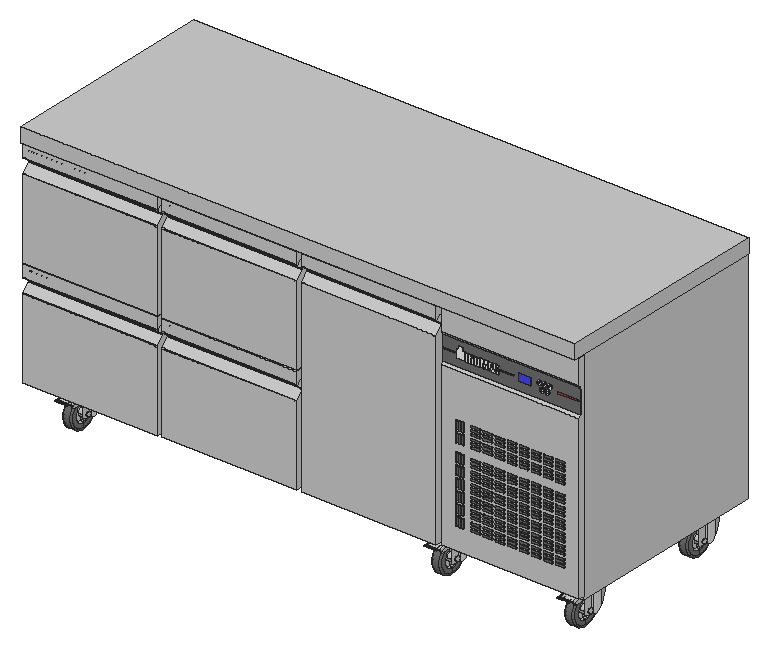
Revit family "QF_INOMAK_PNRP999_250513024609", category Specialty Equipment, Revit 2021
Family settings
  Round Connector Dimension = Use Diameter
  Part Type = Normal
  OmniClass Number = 23.40.40.14
  OmniClass Title = Food Service Equipment
  Work Plane-Based = No
  Always vertical = Yes
  Cut with Voids When Loaded = No
  Shared = No
  Room Calculation Point = No
Parameters (values of type "PNRP999")
  Weight [instance] = 133.00 kg
  Warranty Start Date [instance] = ""
  Warranty Duration [instance] = ""
  Volts [instance] = 230 V
  Volt Free Conn [instance] = no
  URL Recommended Spares List [instance] = ""
  URL Manufacturer [instance] = ""
  URL Cutsheet [instance] = ""
  URL Critical Spares List [instance] = ""
  URL = "www.inomak.com"
  Technical Documentation [instance] = ""
  Tag Number [instance] = ""
  Status [instance] = ""
  Start Up Current [instance] = 0 A
  Specification by User [instance] = ""
  Specification by Manufacturer [instance] = ""
  Sound Level [instance] = ""
  Show Logo [instance] = yes
  Show Clearances [instance] = yes
  Service Life Duration [instance] = ""
  Serial Number [instance] = ""
  Seismic Rating [instance] = ""
  SMACNA No [instance] = ""
  Revision Code [instance] = ""
  Revision [instance] = ""
  Production Year [instance] = ""
  Potential Equalisation [instance] = no
  Point Load [instance] = 0
  Phase [instance] = 1
  Other Equipment Approvals [instance] = ""
  Operational Current [instance] = 0 A
  Number of Poles [instance] = 2
  No Load Power Draw [instance] = no
  NAFEM Spec ID Number [instance] = ""
  Model Warning [instance] = ""
  Model = "PNRP999"
  Min Ckt Ampacity [instance] = 0 A
  Max Overcurrent Protection [instance] = 10 A
  Masterspec [instance] = ""
  Manufacturer = "INOMAK"
  Main switch integrated [instance] = no
  Length Actual [instance] = 1792 mm
  Item Number [instance] = ""
  Installed By [instance] = ""
  Installation Date [instance] = ""
  Identify Quantity as Lot [instance] = no
  ID [instance] = ""
  Hygiene Approval [instance] = ""
  Height Actual [instance] = 900 mm
  HP power [instance] = ""
  Furnished By [instance] = ""
  Foodservice Equipment Identifier [instance] = no
  FL Amps [instance] = 1.49 A
  Electrical Remarks [instance] = ""
  Electric power [instance] = 340 W
  Electric Connection Type [instance] = ""
  Elec Conn RI Height [instance] = 0 mm
  Elec Conn Connection Height [instance] = 0 mm
  ETL Approved [instance] = no
  Description = "PINE REFRIGERATED COUNTER WITH 3 GN 1/1 DOORS"
  Depth Actual [instance] = 700 mm
  Default Elevation = 0 mm
  Cycle [instance] = 50 Hz
  Cost = 0
  Connection to energy optimisation system [instance] = yes
  Conn Plug [instance] = ""
  Conn Conduit [instance] = no
  Centralized building control system with digital interface [instance] = ""
  CSI MasterFormat [instance] = ""
  CE Approved [instance] = no
  Barcode [instance] = 0
  Author [instance] = ""
  Asset Identifier [instance] = ""
  Apparent Power [instance] = 340 VA
  Accessory [instance] = no
Reference planes
  plane 1 "Center (Front/Back)": y = 0
  plane 2: z = 0
  plane 3 "Center (Left/Right)": x = 0
Forms (mm)
  Extrusion 1, solid, not visible
    sketch origin (1385.068, -100.005, 132.006) x (1, 0, 0) y (0, 1, 0)
      loop
        line (-2, 2) -> (-2, -2) -> (2, -2) -> (2, 2) -> (-2, 2)
    from -2 to 2
Dimensions and locks
  locked: nested 2 to Extrusion 1 at 2  (x2)
  aligned and locked: level to plane 2
Nested families
  nested 1: "QF_INOMAK_REF_COUNTERS_1790_2920" at (0, 0, 130), type "PNRP999"
    with Weight 133.00 kg, Warranty Start Date "", Warranty Duration "", URL Cutsheet "", Technical Documentation "", Tag Number "", Status "", Specification by User "", Specification by Manufacturer "", Sound Level "", Solid Fuel Type "", Show Clearances yes, Show Clearance yes, Service Life Duration "", Serial Number "", Seismic Rating "", SMACNA No "", Revision Code "", Revision "", Production Year "", Point Load 0, Other Equipment Approvals "", NAFEM Spec ID Number "", Model Warning "", Masterspec "", Length Actual 1792 mm, Item Number "", Installed By "", Installation Date "", Identify Quantity as Lot yes, ID "", Hygiene Approval "", Height Actual 900 mm, Furnished By "", Foodservice Equipment Identifier yes, Finish none, ETL Approved yes, Depth Actual 700 mm, CSI MasterFormat "", CE Approved yes, Barcode "", Author "", Asset Identifier "", Accessory no
  nested 2: "CONN_POINT_ELE_2D___Generic_Annotation" at (1385.068, -100.005, 130.006), type "CONN_POINT_ELE_2D___Generic_Annotation"
    with Onboard connection annotation symbol visibility yes
  nested 3: "QF_INOMAK_REF_COUNTERS_DOORS_DRAWERS_6956" at (0, -700, 130), type "DW-2-710"
    with Weight 0.00 kg, Warranty Start Date "", Warranty Duration "", URL Cutsheet "", Top inset 10 mm, Technical Documentation "", Tag Number "", Status "", Specification by User "", Specification by Manufacturer "", Sound Level "", Solid Fuel Type "", Show Logo yes, Show Clearances yes, Service Life Duration "", Serial Number "", Seismic Rating "", SMACNA No "", Right panel thickness 0 mm, Revision Code "", Revision "", Rear inset 0 mm, Production Year "", Point Load 0, Plinth height 0 mm, Other Equipment Approvals "", NAFEM Spec ID Number "", Model Warning "", Masterspec "", Length Actual 435 mm, Left panel thickness 0 mm, Item Number "", Installed By "", Installation Date "", Identify Quantity as Lot yes, ID "", Hygiene Approval "", Height Actual 710 mm, Furnished By "", Front inset 10 mm, Foodservice Equipment Identifier yes, Finish none, ETL Approved yes, Doors drawers type 4, Depth Actual 80 mm, CSI MasterFormat "", CE Approved yes, Bottom inset 10 mm, Barcode "", Author "", Asset Identifier "", Accessory yes
  nested 4: "QF_INOMAK_REF_COUNTERS_DOORS_DRAWERS_16448" at (450, -700, 130), type "DW-2-710"
    with Weight 0.00 kg, Warranty Start Date "", Warranty Duration "", URL Cutsheet "", Top inset 10 mm, Technical Documentation "", Tag Number "", Status "", Specification by User "", Specification by Manufacturer "", Sound Level "", Solid Fuel Type "", Show Logo yes, Show Clearances yes, Service Life Duration "", Serial Number "", Seismic Rating "", SMACNA No "", Right panel thickness 0 mm, Revision Code "", Revision "", Rear inset 0 mm, Production Year "", Point Load 0, Plinth height 0 mm, Other Equipment Approvals "", NAFEM Spec ID Number "", Model Warning "", Masterspec "", Length Actual 435 mm, Left panel thickness 0 mm, Item Number "", Installed By "", Installation Date "", Identify Quantity as Lot yes, ID "", Hygiene Approval "", Height Actual 710 mm, Furnished By "", Front inset 10 mm, Foodservice Equipment Identifier yes, Finish none, ETL Approved yes, Doors drawers type 4, Depth Actual 80 mm, CSI MasterFormat "", CE Approved yes, Bottom inset 10 mm, Barcode "", Author "", Asset Identifier "", Accessory yes
  nested 5: "QF_INOMAK_REF_COUNTERS_DOORS_DRAWERS_25919" at (900, -700, 130), type "DR-RX-710"
    with Weight 0.00 kg, Warranty Start Date "", Warranty Duration "", URL Cutsheet "", Top inset 10 mm, Technical Documentation "", Tag Number "", Status "", Specification by User "", Specification by Manufacturer "", Sound Level "", Solid Fuel Type "", Show Logo yes, Show Clearances yes, Service Life Duration "", Serial Number "", Seismic Rating "", SMACNA No "", Right panel thickness 0 mm, Revision Code "", Revision "", Rear inset 0 mm, Production Year "", Point Load 0, Plinth height 0 mm, Other Equipment Approvals "", NAFEM Spec ID Number "", Model Warning "", Masterspec "", Length Actual 435 mm, Left panel thickness 0 mm, Item Number "", Installed By "", Installation Date "", Identify Quantity as Lot yes, ID "", Hygiene Approval "", Height Actual 710 mm, Furnished By "", Front inset 10 mm, Foodservice Equipment Identifier yes, Finish none, ETL Approved yes, Doors drawers type 9, Depth Actual 80 mm, CSI MasterFormat "", CE Approved yes, Bottom inset 10 mm, Barcode "", Author "", Asset Identifier "", Accessory yes
  nested 6: "QF_INOMAK_REF_COUNTERS_WORKTOPS_35390" at (0, 0, 840), type "WTWT-1790-700"
    with Worktop without backsplash yes, Worktop with backsplash no, Worktop type 3, Worktop thickness 46 mm, Without worktop no, Weight 0.00 kg, Warranty Start Date "", Warranty Duration "", URL Cutsheet "", Technical Documentation "", Tag Number "", Status "", Specification by User "", Specification by Manufacturer "", Sound Level "", Solid Fuel Type "", Show Logo yes, Show Clearances yes, Service Life Duration "", Serial Number "", Seismic Rating "", SMACNA No "", Revision Code "", Revision "", Production Year "", Point Load 0, Other Equipment Approvals "", NAFEM Spec ID Number "", Model Warning "", Masterspec "", Length Actual 1792 mm, Item Number "", Installed By "", Installation Date "", Identify Quantity as Lot yes, ID "", Hygiene Approval "", Height Actual 46 mm, Height AFF 0 mm, Furnished By "", Foodservice Equipment Identifier yes, Finish none, ETL Approved yes, Depth Actual 700 mm, CSI MasterFormat "", CE Approved yes, Barcode "", Backsplash thickness 20 mm, Backsplash height 60 mm, Author "", Asset Identifier "", Accessory yes
  nested 7: "QF_INOMAK_REF_COUNTERS_CASTORS_37217" at (0, 0, 0), type "CT-1790-700"
    with Weight 0.00 kg, Warranty Start Date "", Warranty Duration "", URL Cutsheet "", Technical Documentation "", Tag Number "", Status "", Specification by User "", Specification by Manufacturer "", Sound Level "", Solid Fuel Type "", Show Logo yes, Show Clearances yes, Service Life Duration "", Serial Number "", Seismic Rating "", SMACNA No "", Revision Code "", Revision "", Production Year "", Point Load 0, Other Equipment Approvals "", NAFEM Spec ID Number "", Model Warning "", Masterspec "", Length Actual 1792 mm, Item Number "", Installed By "", Installation Date "", Identify Quantity as Lot yes, ID "", Hygiene Approval "", Height Actual 130 mm, Furnished By "", Foodservice Equipment Identifier yes, ETL Approved yes, Depth Actual 700 mm, CSI MasterFormat "", CE Approved yes, Barcode "", Author "", Asset Identifier "", Accessory yes
Connectors
  electrical at (1385.068, -100.005, 130.006), driven by "Apparent Power", driven by "Number of Poles", driven by "Volts"
    settings: on Extrusion 1, index 1, voltage 230 V, apparent load 0 VA, apparent load phase1 340 VA, apparent load phase2 0 VA, apparent load phase3 0 VA, power factor 1, load classification "Other", number of poles 2, system type 31, power factor state 1, is connector primary yes, connector utility no, sub classification motor no, connector description "Electrical connection for PNRP999"
Definition of nested family "QF_INOMAK_REF_COUNTERS_1790_2920"
  Parameters (values of type "PMRP999")
    Weight [instance] = 0.00 kg
    Warranty Start Date [instance] = ""
    Warranty Duration [instance] = ""
    URL Cutsheet [instance] = ""
    URL = "www.inomak.com"
    Technical Documentation [instance] = ""
    Tag Number [instance] = ""
    Status [instance] = ""
    Specification by User [instance] = ""
    Specification by Manufacturer [instance] = ""
    Sound Level [instance] = ""
    Solid Fuel Type [instance] = ""
    Show Logo = yes
    Show Clearances [instance] = yes
    Show Clearance [instance] = yes
    Service Life Duration [instance] = ""
    Serial Number [instance] = ""
    Seismic Rating [instance] = ""
    SMACNA No [instance] = ""
    Revision Code [instance] = ""
    Revision [instance] = ""
    Production Year [instance] = ""
    Point Load [instance] = 0
    Other Equipment Approvals [instance] = ""
    NAFEM Spec ID Number [instance] = ""
    Model Warning [instance] = ""
    Model = "PMRP999"
    Masterspec [instance] = ""
    Manufacturer = "INOMAK"
    Length Actual [instance] = 0 mm
    Length = 1792 mm
    Item Number [instance] = ""
    Installed By [instance] = ""
    Installation Date [instance] = ""
    Identify Quantity as Lot [instance] = yes
    ID [instance] = ""
    Hygiene Approval [instance] = ""
    Height Actual [instance] = 0 mm
    Height = 710 mm
    Furnished By [instance] = ""
    Foodservice Equipment Identifier [instance] = yes
    Finish [instance] = none
    ETL Approved [instance] = yes
    Description = "CLOVER CHILLER COUNTER WITH 3 DOORS, COMPACT DIMENSIONS"
    Depth Actual [instance] = 0 mm
    Depth = 600 mm
    Default Elevation = 0 mm
    CSI MasterFormat [instance] = ""
    CE Approved [instance] = yes
    Barcode [instance] = ""
    Author [instance] = ""
    Asset Identifier [instance] = ""
    Assembly Code = "E1090320"
    Accessory [instance] = yes
  Types (2, lengths in mm): name | Model | Description | Depth
    PNRP999 | "PNRP999" | "PINE REFRIGERATED COUNTER WITH 3 GN 1/1 DOORS" | 700
    PMRP999 | "PMRP999" | "CLOVER CHILLER COUNTER WITH 3 DOORS, COMPACT DIMENSIONS" | 600
  Reference planes
    plane 1 "Back": y = 0
    plane 2: z = 0
    plane 3 "Left": x = 0
    plane 4 "Right": x = 1792
    plane 5 "Front": y = -600
    plane 6 "Top": z = 710
  Forms (mm)
    Extrusion 1, solid, material <- "Finish"
      sketch origin (0, 0, 0) x (1, 0, 0) y (0, 1, 0)
        loop
          line (0, -548) -> (30, -548) -> (30, -30) -> (1317, -30) -> (1317, -548) -> (1347, -548) -> (1347, -565) -> (1792, -565) -> (1792, 0) -> (0, 0) -> (0, -548)
      from 0 to 710
    Extrusion 2, solid, material <- "Finish"
      sketch origin (0, 0, 0) x (1, 0, 0) y (0, 1, 0)
        loop
          line (30, -30) -> (30, -548) -> (1317, -548) -> (1317, -30) -> (30, -30)
      from 0 to 45
    Extrusion 3, solid, material <- "Finish"
      sketch origin (0, 0, 710) x (0, 1, 0) y (-1, 0, 0)
        loop
          line (-30, -30) -> (-548, -30) -> (-548, -1317) -> (-30, -1317) -> (-30, -30)
      from 0 to -30
    Extrusion 4, solid, material <- "Finish"
      sketch origin (1792, 0, 0) x (0, -1, 0) y (0, 0, 1)
        loop
          line (583.05, 705) -> (565, 705) -> (565, 10) -> (583.05, 10) -> (583.05, 532.058) -> (576.05, 539.058) -> (576.05, 618.864) -> (583.05, 625.864) -> (583.05, 705)
      from 0 to 445
    Extrusion 5, solid
      sketch origin (0, -600, 0) x (-1, 0, 0) y (0, 0, 1)
        loop
          circle (-1658.654, 586.73) r 6.965
        loop
          circle (-1675.685, 586.73) r 6.965
        loop
          circle (-1692.694, 586.73) r 6.965
        loop
          circle (-1667.18, 568.729) r 6.965
        loop
          circle (-1684.189, 568.729) r 6.965
        loop
          circle (-1658.654, 586.73) r 3.965
        loop
          circle (-1675.685, 586.73) r 3.965
        loop
          circle (-1692.694, 586.73) r 3.965
        loop
          circle (-1667.18, 568.729) r 3.965
        loop
          circle (-1684.189, 568.729) r 3.965
      from 23 to 25.5
    Extrusion 6, solid
      sketch origin (0, -600, 0) x (-1, 0, 0) y (0, 0, 1)
        loop
          line (-1630.865, 590.461) -> (-1630.865, 567.461) -> (-1590.865, 567.461) -> (-1590.865, 590.461) -> (-1630.865, 590.461)
      from 23 to 25.5
    Extrusion 7, solid
      sketch origin (0, -600, 0) x (-1, 0, 0) y (0, 0, 1)
        loop
          line (-1347, 618.864) -> (-1792, 618.864) -> (-1792, 539.058) -> (-1347, 539.058) -> (-1347, 618.864)
      from 23.5 to 25.5
    Extrusion 8, solid, visible <- "Show Logo"
      sketch origin (0, -600, 0) x (-1, 0, 0) y (0, 0, 1)
        loop
          line (-1391.061, 591.01) -> (-1397.061, 591.01) -> (-1397.061, 602.118) -> (-1411.298, 602.118) -> (-1411.298, 591.01) -> (-1417.298, 591.01) -> (-1417.298, 564.76) -> (-1391.061, 564.76) -> (-1391.061, 591.01)
        loop
          line (-1421.613, 590.698) -> (-1428.903, 590.698) -> (-1428.903, 564.76) -> (-1421.613, 564.76) -> (-1421.613, 590.698)
        loop
          line (-1431.422, 564.76) -> (-1431.422, 590.698) -> (-1438.256, 590.698) -> (-1441.449, 578.78) -> (-1441.449, 590.698) -> (-1447.982, 590.698) -> (-1447.982, 564.76) -> (-1441.449, 564.76) -> (-1437.735, 578.623) -> (-1437.735, 564.76) -> (-1431.422, 564.76)
        loop
          line (-1468.664, 564.76) -> (-1468.664, 590.698) -> (-1477.626, 590.698) -> (-1479.988, 576.688) -> (-1482.35, 590.698) -> (-1491.312, 590.698) -> (-1491.312, 564.76) -> (-1484.687, 564.76) -> (-1484.687, 578.623) -> (-1482.35, 564.76) -> (-1477.626, 564.76) -> (-1475.289, 578.623) -> (-1475.289, 564.76) -> (-1468.664, 564.76)
        loop
          line (-1453.851, 590.698) -> (-1463.176, 590.698)
          arc (-1463.176, 590.698) -> (-1465.773, 589.622) -> (-1466.849, 587.026) r 3.672
          line (-1466.849, 587.026) -> (-1466.849, 568.433)
          arc (-1466.849, 568.433) -> (-1465.773, 565.836) -> (-1463.176, 564.76) r 3.672
          line (-1463.176, 564.76) -> (-1453.851, 564.76)
          arc (-1453.851, 564.76) -> (-1451.255, 565.836) -> (-1450.179, 568.433) r 3.672
          line (-1450.179, 568.433) -> (-1450.179, 587.026)
          arc (-1450.179, 587.026) -> (-1451.255, 589.622) -> (-1453.851, 590.698) r 3.672
        loop
          arc (-1457.487, 587.542) -> (-1458.514, 588.569) -> (-1459.541, 587.542) r 1.027
          line (-1459.541, 587.542) -> (-1459.541, 568.949)
          arc (-1459.541, 568.949) -> (-1458.514, 567.922) -> (-1457.487, 568.949) r 1.027
          line (-1457.487, 568.949) -> (-1457.487, 587.542)
        loop
          line (-1492.382, 564.76) -> (-1496.755, 590.698) -> (-1505.615, 590.698) -> (-1509.988, 564.76) -> (-1503.461, 564.76) -> (-1502.852, 569.723) -> (-1499.518, 569.723) -> (-1498.909, 564.76) -> (-1492.382, 564.76)
        loop
          line (-1500.074, 574.252) -> (-1501.185, 583.299) -> (-1502.296, 574.252) -> (-1500.074, 574.252)
        loop
          line (-1510.954, 564.76) -> (-1510.954, 590.698) -> (-1517.579, 590.698) -> (-1517.579, 581.585) -> (-1520.365, 590.698) -> (-1527.803, 590.698) -> (-1523.474, 579.422) -> (-1528.522, 564.76) -> (-1520.939, 564.76) -> (-1517.579, 577.3) -> (-1517.579, 564.76) -> (-1510.954, 564.76)
      from 23 to 25.5
    Extrusion 9, solid
      sketch origin (0, -600, 0) x (-1, 0, 0) y (0, 0, 1)
        loop
          line (-1347, 580.961) -> (-1383.995, 580.961) -> (-1383.995, 576.961) -> (-1347, 576.961) -> (-1347, 580.961)
        loop
          line (-1532, 580.961) -> (-1576.365, 580.961) -> (-1576.365, 576.961) -> (-1532, 576.961) -> (-1532, 580.961)
        loop
          line (-1792, 580.961) -> (-1792, 576.961) -> (-1718.755, 576.961) -> (-1718.755, 580.961) -> (-1792, 580.961)
      from 23 to 25.5
  Cuts and joins
    joined: Extrusion 1, Extrusion 2, Extrusion 3
  Lines and regions (mm)
    symbolic lines, visible <- "Show Clearance"
      curve 1: line (0, 0, 0) -> (1792, 0, 0)
      curve 2: line (1792, 0, 0) -> (1792, -600, 0)
      curve 3: line (1792, -600, 0) -> (0, -600, 0)
      curve 4: line (0, -600, 0) -> (0, 0, 0)
  Dimensions and locks
    "Length": plane 3 "Left" to plane 4 "Right"
    "Depth": plane 5 "Front" to plane 1 "Back"
    "Height": plane 6 "Top" to plane 2
    aligned and locked: level to plane 2
    aligned and locked: plane 6 "Top" to Extrusion 1
    aligned and locked: nested 1 to plane 4 "Right"
    aligned and locked: plane 5 "Front" to nested 1
    aligned and locked: plane 5 "Front" to curve 3
  Automatic sketch dimensions
    plane 3 "Left" to Extrusion 2 sketch curve = 30 mm
    plane 4 "Right" to Extrusion 2 sketch curve = 475 mm
    plane 1 "Back" to Extrusion 2 sketch curve = 30 mm
    plane 1 "Back" to Extrusion 3 sketch curve = 30 mm
    plane 4 "Right" to Extrusion 3 sketch curve = 475 mm
    plane 3 "Left" to Extrusion 3 sketch curve = 30 mm
    Extrusion 1 sketch curve to plane 3 "Left" = 0 mm
    plane 1 "Back" to Extrusion 1 sketch curve = 0 mm
    Extrusion 1 sketch curve to plane 4 "Right" = 0 mm
    plane 3 "Left" to Extrusion 1 sketch curve = 30 mm
    plane 1 "Back" to Extrusion 1 sketch curve = 30 mm
    plane 4 "Right" to Extrusion 1 sketch curve = 475 mm
    Extrusion 1 sketch curve to Extrusion 1 sketch curve = 30 mm
    plane 5 "Front" to Extrusion 1 sketch curve = 35 mm
    plane 5 "Front" to Extrusion 1 sketch curve = 52 mm
    Extrusion 1 sketch curve to Extrusion 1 sketch curve = 17 mm
    plane 5 "Front" to Extrusion 2 sketch curve = 52 mm
    plane 5 "Front" to Extrusion 3 sketch curve = 52 mm
    Extrusion 4 sketch curve to plane 6 "Top" = 5 mm
    plane 5 "Front" to Extrusion 4 sketch curve = 35 mm
    plane 5 "Front" to Extrusion 4 sketch curve = 23.95 mm
    Extrusion 4 sketch curve to Extrusion 4 sketch curve = 7 mm  (x4)
    Extrusion 4 sketch curve to Extrusion 4 sketch curve = 79.136 mm
    Extrusion 4 sketch curve to Extrusion 4 sketch curve = 79.807 mm
    level to Extrusion 4 sketch curve = 10 mm
    Extrusion 5 sketch curve to Extrusion 5 sketch curve = 0 mm  (x13)
    plane 4 "Right" to Extrusion 5 sketch curve = 99.306 mm
    Extrusion 5 sketch curve to Extrusion 5 sketch curve = 8.505 mm
    Extrusion 5 sketch curve to Extrusion 5 sketch curve = 17.009 mm  (x2)
    Extrusion 5 sketch curve to Extrusion 5 sketch curve = 17.03 mm
    Extrusion 5 sketch curve to plane 6 "Top" = 141.271 mm
    Extrusion 5 sketch curve to Extrusion 5 sketch curve = 18.001 mm
    plane 4 "Right" to Extrusion 6 sketch curve = 161.135 mm
    Extrusion 6 sketch curve to Extrusion 6 sketch curve = 40 mm
    Extrusion 6 sketch curve to plane 6 "Top" = 142.539 mm
    Extrusion 6 sketch curve to Extrusion 6 sketch curve = 23 mm
    plane 4 "Right" to Extrusion 7 sketch curve = 0 mm
    Extrusion 7 sketch curve to plane 6 "Top" = 170.942 mm
    plane 4 "Right" to Extrusion 7 sketch curve = 445 mm
    Extrusion 7 sketch curve to Extrusion 7 sketch curve = 79.807 mm
    plane 4 "Right" to Extrusion 8 sketch curve = 263.478 mm
    Extrusion 8 sketch curve to Extrusion 8 sketch curve = 0.72 mm
    Extrusion 8 sketch curve to plane 6 "Top" = 130.578 mm
    Extrusion 8 sketch curve to Extrusion 8 sketch curve = 4.329 mm
    Extrusion 8 sketch curve to Extrusion 8 sketch curve = 7.584 mm
    Extrusion 8 sketch curve to plane 6 "Top" = 119.302 mm  (x2)
    Extrusion 8 sketch curve to Extrusion 8 sketch curve = 7.438 mm
    Extrusion 8 sketch curve to plane 6 "Top" = 132.7 mm
    Extrusion 8 sketch curve to Extrusion 8 sketch curve = 5.895 mm
    Extrusion 8 sketch curve to plane 6 "Top" = 128.415 mm
    Extrusion 8 sketch curve to Extrusion 8 sketch curve = 0 mm  (x11)
    Extrusion 8 sketch curve to Extrusion 8 sketch curve = 6.625 mm  (x2)
    Extrusion 8 sketch curve to Extrusion 8 sketch curve = 0.965 mm
    Extrusion 8 sketch curve to Extrusion 8 sketch curve = 5.338 mm
    Extrusion 8 sketch curve to Extrusion 8 sketch curve = 6.527 mm  (x2)
    Extrusion 8 sketch curve to plane 6 "Top" = 140.277 mm
    Extrusion 8 sketch curve to Extrusion 8 sketch curve = 0.609 mm
    Extrusion 8 sketch curve to plane 6 "Top" = 135.748 mm
    Extrusion 8 sketch curve to Extrusion 8 sketch curve = 0.556 mm
    Extrusion 8 sketch curve to plane 6 "Top" = 126.701 mm
    Extrusion 8 sketch curve to Extrusion 8 sketch curve = 4.43 mm  (x2)
    Extrusion 8 sketch curve to Extrusion 8 sketch curve = 2.222 mm
    Extrusion 8 sketch curve to Extrusion 8 sketch curve = 3.334 mm
    Extrusion 8 sketch curve to Extrusion 8 sketch curve = 4.552 mm
    Extrusion 8 sketch curve to plane 6 "Top" = 145.24 mm  (x2)
    Extrusion 8 sketch curve to Extrusion 8 sketch curve = 1.069 mm
    Extrusion 8 sketch curve to plane 6 "Top" = 131.377 mm  (x2)
    Extrusion 8 sketch curve to Extrusion 8 sketch curve = 8.962 mm  (x2)
    Extrusion 8 sketch curve to Extrusion 8 sketch curve = 2.337 mm
    Extrusion 8 sketch curve to plane 6 "Top" = 133.312 mm
    Extrusion 8 sketch curve to Extrusion 8 sketch curve = 4.699 mm  (x2)
    Extrusion 8 sketch curve to Extrusion 8 sketch curve = 4.724 mm  (x2)
    Extrusion 8 sketch curve to Extrusion 8 sketch curve = 1.815 mm
    Extrusion 8 sketch curve to Extrusion 8 sketch curve = 3.672 mm  (x8)
    Extrusion 8 sketch curve to Extrusion 8 sketch curve = 3.636 mm  (x3)
    Extrusion 8 sketch curve to Extrusion 8 sketch curve = 1.027 mm
    Extrusion 8 sketch curve to Extrusion 8 sketch curve = 2.197 mm
    Extrusion 8 sketch curve to Extrusion 8 sketch curve = 6.532 mm  (x2)
    Extrusion 8 sketch curve to Extrusion 8 sketch curve = 3.194 mm
    Extrusion 8 sketch curve to Extrusion 8 sketch curve = 3.714 mm
    Extrusion 8 sketch curve to Extrusion 8 sketch curve = 6.313 mm
    Extrusion 8 sketch curve to Extrusion 8 sketch curve = 2.52 mm
    Extrusion 8 sketch curve to Extrusion 8 sketch curve = 7.29 mm
    Extrusion 8 sketch curve to Extrusion 8 sketch curve = 4.315 mm
    Extrusion 8 sketch curve to Extrusion 8 sketch curve = 6 mm
    Extrusion 8 sketch curve to Extrusion 8 sketch curve = 14.237 mm
    Extrusion 8 sketch curve to Extrusion 8 sketch curve = 26.237 mm
    Extrusion 8 sketch curve to Extrusion 8 sketch curve = 14.661 mm
    Extrusion 8 sketch curve to Extrusion 8 sketch curve = 4.963 mm
    Extrusion 8 sketch curve to Extrusion 8 sketch curve = 0.516 mm  (x2)
    Extrusion 8 sketch curve to Extrusion 8 sketch curve = 13.862 mm
    Extrusion 8 sketch curve to Extrusion 8 sketch curve = 0.157 mm
    Extrusion 8 sketch curve to Extrusion 8 sketch curve = 26.25 mm
    Extrusion 8 sketch curve to Extrusion 8 sketch curve = 0.312 mm
    Extrusion 8 sketch curve to Extrusion 8 sketch curve = 11.107 mm
    plane 4 "Right" to Extrusion 9 sketch curve = 0 mm
    plane 4 "Right" to Extrusion 9 sketch curve = 73.245 mm
    Extrusion 9 sketch curve to Extrusion 9 sketch curve = 142.39 mm
    Extrusion 9 sketch curve to Extrusion 9 sketch curve = 44.365 mm
    Extrusion 9 sketch curve to Extrusion 9 sketch curve = 148.005 mm
    Extrusion 9 sketch curve to Extrusion 9 sketch curve = 36.995 mm
    Extrusion 9 sketch curve to plane 6 "Top" = 133.039 mm  (x3)
    Extrusion 9 sketch curve to Extrusion 9 sketch curve = 4 mm  (x3)
    plane 1 "Back" to curve 1 = 0 mm
    curve 1 to plane 3 "Left" = 0 mm
    curve 2 to plane 4 "Right" = 0 mm
    radius of Extrusion 5 sketch curve = 6.965 mm  (x5)
    radius of Extrusion 5 sketch curve = 3.965 mm  (x5)
  Nested families
    nested 1: "QF_INOMAK_CONRTOL-PANEL" at (1792, 100, 0), type "PNRP9999"
      with Show Clearance yes
  Definition of nested family "QF_INOMAK_CONRTOL-PANEL"
    Parameters (values of type "PNRP9999")
      URL = ""
      Show Logo = yes
      Show Clearance [instance] = yes
      Model = ""
      Manufacturer = ""
      Length = 0 mm
      Height = 710 mm
      Front offset = 80 mm
      Description = ""
      Depth = 700 mm
      Default Elevation = 0 mm
      Assembly Code = ""
    Reference planes
      plane 1 "Back": y = 0
      plane 2: z = 0
      plane 3 "Left": x = 0
      plane 4 "Right": x = 0
      plane 5 "Front": y = -700
      plane 6 "Top": z = 710
      plane 7 "Front offset": y = -620
    Forms (mm)
      Extrusion 1, solid
        sketch origin (-2240, -700, 0) x (-1, 0, 0) y (0, 0, 1)
          loop
            arc (-2191.4, 389.855) -> (-2194.4, 386.855) -> (-2191.4, 383.855) r 3
            line (-2191.4, 383.855) -> (-2167.4, 383.855)
            arc (-2167.4, 383.855) -> (-2164.4, 386.855) -> (-2167.4, 389.855) r 3
            line (-2167.4, 389.855) -> (-2191.4, 389.855)
          loop
            arc (-2152.4, 389.855) -> (-2155.4, 386.855) -> (-2152.4, 383.855) r 3
            line (-2152.4, 383.855) -> (-2128.4, 383.855)
            arc (-2128.4, 383.855) -> (-2125.4, 386.855) -> (-2128.4, 389.855) r 3
            line (-2128.4, 389.855) -> (-2152.4, 389.855)
          loop
            arc (-2113.4, 389.855) -> (-2116.4, 386.855) -> (-2113.4, 383.855) r 3
            line (-2113.4, 383.855) -> (-2089.4, 383.855)
            arc (-2089.4, 383.855) -> (-2086.4, 386.855) -> (-2089.4, 389.855) r 3
            line (-2089.4, 389.855) -> (-2113.4, 389.855)
          loop
            arc (-2074.4, 389.855) -> (-2077.4, 386.855) -> (-2074.4, 383.855) r 3
            line (-2074.4, 383.855) -> (-2050.4, 383.855)
            arc (-2050.4, 383.855) -> (-2047.4, 386.855) -> (-2050.4, 389.855) r 3
            line (-2050.4, 389.855) -> (-2074.4, 389.855)
          loop
            arc (-2035.4, 389.855) -> (-2038.4, 386.855) -> (-2035.4, 383.855) r 3
            line (-2035.4, 383.855) -> (-2011.4, 383.855)
            arc (-2011.4, 383.855) -> (-2008.4, 386.855) -> (-2011.4, 389.855) r 3
            line (-2011.4, 389.855) -> (-2035.4, 389.855)
          loop
            arc (-1996.4, 389.855) -> (-1999.4, 386.855) -> (-1996.4, 383.855) r 3
            line (-1996.4, 383.855) -> (-1972.4, 383.855)
            arc (-1972.4, 383.855) -> (-1969.4, 386.855) -> (-1972.4, 389.855) r 3
            line (-1972.4, 389.855) -> (-1996.4, 389.855)
          loop
            arc (-1957.4, 389.855) -> (-1960.4, 386.855) -> (-1957.4, 383.855) r 3
            line (-1957.4, 383.855) -> (-1933.4, 383.855)
            arc (-1933.4, 383.855) -> (-1930.4, 386.855) -> (-1933.4, 389.855) r 3
            line (-1933.4, 389.855) -> (-1957.4, 389.855)
          loop
            arc (-1918.4, 389.855) -> (-1921.4, 386.855) -> (-1918.4, 383.855) r 3
            line (-1918.4, 383.855) -> (-1894.4, 383.855)
            arc (-1894.4, 383.855) -> (-1891.4, 386.855) -> (-1894.4, 389.855) r 3
            line (-1894.4, 389.855) -> (-1918.4, 389.855)
          loop
            arc (-2191.4, 378.855) -> (-2194.4, 375.855) -> (-2191.4, 372.855) r 3
            line (-2191.4, 372.855) -> (-2167.4, 372.855)
            arc (-2167.4, 372.855) -> (-2164.4, 375.855) -> (-2167.4, 378.855) r 3
            line (-2167.4, 378.855) -> (-2191.4, 378.855)
          loop
            arc (-2152.4, 378.855) -> (-2155.4, 375.855) -> (-2152.4, 372.855) r 3
            line (-2152.4, 372.855) -> (-2128.4, 372.855)
            arc (-2128.4, 372.855) -> (-2125.4, 375.855) -> (-2128.4, 378.855) r 3
            line (-2128.4, 378.855) -> (-2152.4, 378.855)
          loop
            arc (-2113.4, 378.855) -> (-2116.4, 375.855) -> (-2113.4, 372.855) r 3
            line (-2113.4, 372.855) -> (-2089.4, 372.855)
            arc (-2089.4, 372.855) -> (-2086.4, 375.855) -> (-2089.4, 378.855) r 3
            line (-2089.4, 378.855) -> (-2113.4, 378.855)
          loop
            arc (-2074.4, 378.855) -> (-2077.4, 375.855) -> (-2074.4, 372.855) r 3
            line (-2074.4, 372.855) -> (-2050.4, 372.855)
            arc (-2050.4, 372.855) -> (-2047.4, 375.855) -> (-2050.4, 378.855) r 3
            line (-2050.4, 378.855) -> (-2074.4, 378.855)
          loop
            arc (-2035.4, 378.855) -> (-2038.4, 375.855) -> (-2035.4, 372.855) r 3
            line (-2035.4, 372.855) -> (-2011.4, 372.855)
            arc (-2011.4, 372.855) -> (-2008.4, 375.855) -> (-2011.4, 378.855) r 3
            line (-2011.4, 378.855) -> (-2035.4, 378.855)
          loop
            arc (-1996.4, 378.855) -> (-1999.4, 375.855) -> (-1996.4, 372.855) r 3
            line (-1996.4, 372.855) -> (-1972.4, 372.855)
            arc (-1972.4, 372.855) -> (-1969.4, 375.855) -> (-1972.4, 378.855) r 3
            line (-1972.4, 378.855) -> (-1996.4, 378.855)
          loop
            arc (-1957.4, 378.855) -> (-1960.4, 375.855) -> (-1957.4, 372.855) r 3
            line (-1957.4, 372.855) -> (-1933.4, 372.855)
            arc (-1933.4, 372.855) -> (-1930.4, 375.855) -> (-1933.4, 378.855) r 3
            line (-1933.4, 378.855) -> (-1957.4, 378.855)
          loop
            arc (-1918.4, 378.855) -> (-1921.4, 375.855) -> (-1918.4, 372.855) r 3
            line (-1918.4, 372.855) -> (-1894.4, 372.855)
            arc (-1894.4, 372.855) -> (-1891.4, 375.855) -> (-1894.4, 378.855) r 3
            line (-1894.4, 378.855) -> (-1918.4, 378.855)
          loop
            arc (-2191.4, 367.855) -> (-2194.4, 364.855) -> (-2191.4, 361.855) r 3
            line (-2191.4, 361.855) -> (-2167.4, 361.855)
            arc (-2167.4, 361.855) -> (-2164.4, 364.855) -> (-2167.4, 367.855) r 3
            line (-2167.4, 367.855) -> (-2191.4, 367.855)
          loop
            arc (-2152.4, 367.855) -> (-2155.4, 364.855) -> (-2152.4, 361.855) r 3
            line (-2152.4, 361.855) -> (-2128.4, 361.855)
            arc (-2128.4, 361.855) -> (-2125.4, 364.855) -> (-2128.4, 367.855) r 3
            line (-2128.4, 367.855) -> (-2152.4, 367.855)
          loop
            arc (-2113.4, 367.855) -> (-2116.4, 364.855) -> (-2113.4, 361.855) r 3
            line (-2113.4, 361.855) -> (-2089.4, 361.855)
            arc (-2089.4, 361.855) -> (-2086.4, 364.855) -> (-2089.4, 367.855) r 3
            line (-2089.4, 367.855) -> (-2113.4, 367.855)
          loop
            arc (-2074.4, 367.855) -> (-2077.4, 364.855) -> (-2074.4, 361.855) r 3
            line (-2074.4, 361.855) -> (-2050.4, 361.855)
            arc (-2050.4, 361.855) -> (-2047.4, 364.855) -> (-2050.4, 367.855) r 3
            line (-2050.4, 367.855) -> (-2074.4, 367.855)
          loop
            arc (-2035.4, 367.855) -> (-2038.4, 364.855) -> (-2035.4, 361.855) r 3
            line (-2035.4, 361.855) -> (-2011.4, 361.855)
            arc (-2011.4, 361.855) -> (-2008.4, 364.855) -> (-2011.4, 367.855) r 3
            line (-2011.4, 367.855) -> (-2035.4, 367.855)
          loop
            arc (-1996.4, 367.855) -> (-1999.4, 364.855) -> (-1996.4, 361.855) r 3
            line (-1996.4, 361.855) -> (-1972.4, 361.855)
            arc (-1972.4, 361.855) -> (-1969.4, 364.855) -> (-1972.4, 367.855) r 3
            line (-1972.4, 367.855) -> (-1996.4, 367.855)
          loop
            arc (-1957.4, 367.855) -> (-1960.4, 364.855) -> (-1957.4, 361.855) r 3
            line (-1957.4, 361.855) -> (-1933.4, 361.855)
            arc (-1933.4, 361.855) -> (-1930.4, 364.855) -> (-1933.4, 367.855) r 3
            line (-1933.4, 367.855) -> (-1957.4, 367.855)
          loop
            arc (-1918.4, 367.855) -> (-1921.4, 364.855) -> (-1918.4, 361.855) r 3
            line (-1918.4, 361.855) -> (-1894.4, 361.855)
            arc (-1894.4, 361.855) -> (-1891.4, 364.855) -> (-1894.4, 367.855) r 3
            line (-1894.4, 367.855) -> (-1918.4, 367.855)
          loop
            arc (-2191.4, 352.855) -> (-2194.4, 349.855) -> (-2191.4, 346.855) r 3
            line (-2191.4, 346.855) -> (-2167.4, 346.855)
            arc (-2167.4, 346.855) -> (-2164.4, 349.855) -> (-2167.4, 352.855) r 3
            line (-2167.4, 352.855) -> (-2191.4, 352.855)
          loop
            arc (-2152.4, 352.855) -> (-2155.4, 349.855) -> (-2152.4, 346.855) r 3
            line (-2152.4, 346.855) -> (-2128.4, 346.855)
            arc (-2128.4, 346.855) -> (-2125.4, 349.855) -> (-2128.4, 352.855) r 3
            line (-2128.4, 352.855) -> (-2152.4, 352.855)
          loop
            arc (-2113.4, 352.855) -> (-2116.4, 349.855) -> (-2113.4, 346.855) r 3
            line (-2113.4, 346.855) -> (-2089.4, 346.855)
            arc (-2089.4, 346.855) -> (-2086.4, 349.855) -> (-2089.4, 352.855) r 3
            line (-2089.4, 352.855) -> (-2113.4, 352.855)
          loop
            arc (-2074.4, 352.855) -> (-2077.4, 349.855) -> (-2074.4, 346.855) r 3
            line (-2074.4, 346.855) -> (-2050.4, 346.855)
            arc (-2050.4, 346.855) -> (-2047.4, 349.855) -> (-2050.4, 352.855) r 3
            line (-2050.4, 352.855) -> (-2074.4, 352.855)
          loop
            arc (-2035.4, 352.855) -> (-2038.4, 349.855) -> (-2035.4, 346.855) r 3
            line (-2035.4, 346.855) -> (-2011.4, 346.855)
            arc (-2011.4, 346.855) -> (-2008.4, 349.855) -> (-2011.4, 352.855) r 3
            line (-2011.4, 352.855) -> (-2035.4, 352.855)
          loop
            arc (-1996.4, 352.855) -> (-1999.4, 349.855) -> (-1996.4, 346.855) r 3
            line (-1996.4, 346.855) -> (-1972.4, 346.855)
            arc (-1972.4, 346.855) -> (-1969.4, 349.855) -> (-1972.4, 352.855) r 3
            line (-1972.4, 352.855) -> (-1996.4, 352.855)
          loop
            arc (-1957.4, 352.855) -> (-1960.4, 349.855) -> (-1957.4, 346.855) r 3
            line (-1957.4, 346.855) -> (-1933.4, 346.855)
            arc (-1933.4, 346.855) -> (-1930.4, 349.855) -> (-1933.4, 352.855) r 3
            line (-1933.4, 352.855) -> (-1957.4, 352.855)
          loop
            arc (-1918.4, 352.855) -> (-1921.4, 349.855) -> (-1918.4, 346.855) r 3
            line (-1918.4, 346.855) -> (-1894.4, 346.855)
            arc (-1894.4, 346.855) -> (-1891.4, 349.855) -> (-1894.4, 352.855) r 3
            line (-1894.4, 352.855) -> (-1918.4, 352.855)
          loop
            arc (-2191.4, 341.855) -> (-2194.4, 338.855) -> (-2191.4, 335.855) r 3
            line (-2191.4, 335.855) -> (-2167.4, 335.855)
            arc (-2167.4, 335.855) -> (-2164.4, 338.855) -> (-2167.4, 341.855) r 3
            line (-2167.4, 341.855) -> (-2191.4, 341.855)
          loop
            arc (-2152.4, 341.855) -> (-2155.4, 338.855) -> (-2152.4, 335.855) r 3
            line (-2152.4, 335.855) -> (-2128.4, 335.855)
            arc (-2128.4, 335.855) -> (-2125.4, 338.855) -> (-2128.4, 341.855) r 3
            line (-2128.4, 341.855) -> (-2152.4, 341.855)
          loop
            arc (-2113.4, 341.855) -> (-2116.4, 338.855) -> (-2113.4, 335.855) r 3
            line (-2113.4, 335.855) -> (-2089.4, 335.855)
            arc (-2089.4, 335.855) -> (-2086.4, 338.855) -> (-2089.4, 341.855) r 3
            line (-2089.4, 341.855) -> (-2113.4, 341.855)
          loop
            arc (-2074.4, 341.855) -> (-2077.4, 338.855) -> (-2074.4, 335.855) r 3
            line (-2074.4, 335.855) -> (-2050.4, 335.855)
            arc (-2050.4, 335.855) -> (-2047.4, 338.855) -> (-2050.4, 341.855) r 3
            line (-2050.4, 341.855) -> (-2074.4, 341.855)
          loop
            arc (-2035.4, 341.855) -> (-2038.4, 338.855) -> (-2035.4, 335.855) r 3
            line (-2035.4, 335.855) -> (-2011.4, 335.855)
            arc (-2011.4, 335.855) -> (-2008.4, 338.855) -> (-2011.4, 341.855) r 3
            line (-2011.4, 341.855) -> (-2035.4, 341.855)
          loop
            arc (-1996.4, 341.855) -> (-1999.4, 338.855) -> (-1996.4, 335.855) r 3
            line (-1996.4, 335.855) -> (-1972.4, 335.855)
            arc (-1972.4, 335.855) -> (-1969.4, 338.855) -> (-1972.4, 341.855) r 3
            line (-1972.4, 341.855) -> (-1996.4, 341.855)
          loop
            arc (-1957.4, 341.855) -> (-1960.4, 338.855) -> (-1957.4, 335.855) r 3
            line (-1957.4, 335.855) -> (-1933.4, 335.855)
            arc (-1933.4, 335.855) -> (-1930.4, 338.855) -> (-1933.4, 341.855) r 3
            line (-1933.4, 341.855) -> (-1957.4, 341.855)
          loop
            arc (-1918.4, 341.855) -> (-1921.4, 338.855) -> (-1918.4, 335.855) r 3
            line (-1918.4, 335.855) -> (-1894.4, 335.855)
            arc (-1894.4, 335.855) -> (-1891.4, 338.855) -> (-1894.4, 341.855) r 3
            line (-1894.4, 341.855) -> (-1918.4, 341.855)
          loop
            arc (-2191.4, 330.855) -> (-2194.4, 327.855) -> (-2191.4, 324.855) r 3
            line (-2191.4, 324.855) -> (-2167.4, 324.855)
            arc (-2167.4, 324.855) -> (-2164.4, 327.855) -> (-2167.4, 330.855) r 3
            line (-2167.4, 330.855) -> (-2191.4, 330.855)
          loop
            arc (-2152.4, 330.855) -> (-2155.4, 327.855) -> (-2152.4, 324.855) r 3
            line (-2152.4, 324.855) -> (-2128.4, 324.855)
            arc (-2128.4, 324.855) -> (-2125.4, 327.855) -> (-2128.4, 330.855) r 3
            line (-2128.4, 330.855) -> (-2152.4, 330.855)
          loop
            arc (-2113.4, 330.855) -> (-2116.4, 327.855) -> (-2113.4, 324.855) r 3
            line (-2113.4, 324.855) -> (-2089.4, 324.855)
            arc (-2089.4, 324.855) -> (-2086.4, 327.855) -> (-2089.4, 330.855) r 3
            line (-2089.4, 330.855) -> (-2113.4, 330.855)
          loop
            arc (-2074.4, 330.855) -> (-2077.4, 327.855) -> (-2074.4, 324.855) r 3
            line (-2074.4, 324.855) -> (-2050.4, 324.855)
            arc (-2050.4, 324.855) -> (-2047.4, 327.855) -> (-2050.4, 330.855) r 3
            line (-2050.4, 330.855) -> (-2074.4, 330.855)
          loop
            arc (-2035.4, 330.855) -> (-2038.4, 327.855) -> (-2035.4, 324.855) r 3
            line (-2035.4, 324.855) -> (-2011.4, 324.855)
            arc (-2011.4, 324.855) -> (-2008.4, 327.855) -> (-2011.4, 330.855) r 3
            line (-2011.4, 330.855) -> (-2035.4, 330.855)
          loop
            arc (-1996.4, 330.855) -> (-1999.4, 327.855) -> (-1996.4, 324.855) r 3
            line (-1996.4, 324.855) -> (-1972.4, 324.855)
            arc (-1972.4, 324.855) -> (-1969.4, 327.855) -> (-1972.4, 330.855) r 3
            line (-1972.4, 330.855) -> (-1996.4, 330.855)
          loop
            arc (-1957.4, 330.855) -> (-1960.4, 327.855) -> (-1957.4, 324.855) r 3
            line (-1957.4, 324.855) -> (-1933.4, 324.855)
            arc (-1933.4, 324.855) -> (-1930.4, 327.855) -> (-1933.4, 330.855) r 3
            line (-1933.4, 330.855) -> (-1957.4, 330.855)
          loop
            arc (-1918.4, 330.855) -> (-1921.4, 327.855) -> (-1918.4, 324.855) r 3
            line (-1918.4, 324.855) -> (-1894.4, 324.855)
            arc (-1894.4, 324.855) -> (-1891.4, 327.855) -> (-1894.4, 330.855) r 3
            line (-1894.4, 330.855) -> (-1918.4, 330.855)
          loop
            arc (-2191.4, 295.855) -> (-2194.4, 292.855) -> (-2191.4, 289.855) r 3
            line (-2191.4, 289.855) -> (-2167.4, 289.855)
            arc (-2167.4, 289.855) -> (-2164.4, 292.855) -> (-2167.4, 295.855) r 3
            line (-2167.4, 295.855) -> (-2191.4, 295.855)
          loop
            arc (-2152.4, 295.855) -> (-2155.4, 292.855) -> (-2152.4, 289.855) r 3
            line (-2152.4, 289.855) -> (-2128.4, 289.855)
            arc (-2128.4, 289.855) -> (-2125.4, 292.855) -> (-2128.4, 295.855) r 3
            line (-2128.4, 295.855) -> (-2152.4, 295.855)
          loop
            arc (-2113.4, 295.855) -> (-2116.4, 292.855) -> (-2113.4, 289.855) r 3
            line (-2113.4, 289.855) -> (-2089.4, 289.855)
            arc (-2089.4, 289.855) -> (-2086.4, 292.855) -> (-2089.4, 295.855) r 3
            line (-2089.4, 295.855) -> (-2113.4, 295.855)
          loop
            arc (-2074.4, 295.855) -> (-2077.4, 292.855) -> (-2074.4, 289.855) r 3
            line (-2074.4, 289.855) -> (-2050.4, 289.855)
            arc (-2050.4, 289.855) -> (-2047.4, 292.855) -> (-2050.4, 295.855) r 3
            line (-2050.4, 295.855) -> (-2074.4, 295.855)
          loop
            arc (-2035.4, 295.855) -> (-2038.4, 292.855) -> (-2035.4, 289.855) r 3
            line (-2035.4, 289.855) -> (-2011.4, 289.855)
            arc (-2011.4, 289.855) -> (-2008.4, 292.855) -> (-2011.4, 295.855) r 3
            line (-2011.4, 295.855) -> (-2035.4, 295.855)
          loop
            arc (-1996.4, 295.855) -> (-1999.4, 292.855) -> (-1996.4, 289.855) r 3
            line (-1996.4, 289.855) -> (-1972.4, 289.855)
            arc (-1972.4, 289.855) -> (-1969.4, 292.855) -> (-1972.4, 295.855) r 3
            line (-1972.4, 295.855) -> (-1996.4, 295.855)
          loop
            arc (-1957.4, 295.855) -> (-1960.4, 292.855) -> (-1957.4, 289.855) r 3
            line (-1957.4, 289.855) -> (-1933.4, 289.855)
            arc (-1933.4, 289.855) -> (-1930.4, 292.855) -> (-1933.4, 295.855) r 3
            line (-1933.4, 295.855) -> (-1957.4, 295.855)
          loop
            arc (-1918.4, 295.855) -> (-1921.4, 292.855) -> (-1918.4, 289.855) r 3
            line (-1918.4, 289.855) -> (-1894.4, 289.855)
            arc (-1894.4, 289.855) -> (-1891.4, 292.855) -> (-1894.4, 295.855) r 3
            line (-1894.4, 295.855) -> (-1918.4, 295.855)
          loop
            arc (-2191.4, 284.855) -> (-2194.4, 281.855) -> (-2191.4, 278.855) r 3
            line (-2191.4, 278.855) -> (-2167.4, 278.855)
            arc (-2167.4, 278.855) -> (-2164.4, 281.855) -> (-2167.4, 284.855) r 3
            line (-2167.4, 284.855) -> (-2191.4, 284.855)
          loop
            arc (-2152.4, 284.855) -> (-2155.4, 281.855) -> (-2152.4, 278.855) r 3
            line (-2152.4, 278.855) -> (-2128.4, 278.855)
            arc (-2128.4, 278.855) -> (-2125.4, 281.855) -> (-2128.4, 284.855) r 3
            line (-2128.4, 284.855) -> (-2152.4, 284.855)
          loop
            arc (-2113.4, 284.855) -> (-2116.4, 281.855) -> (-2113.4, 278.855) r 3
            line (-2113.4, 278.855) -> (-2089.4, 278.855)
            arc (-2089.4, 278.855) -> (-2086.4, 281.855) -> (-2089.4, 284.855) r 3
            line (-2089.4, 284.855) -> (-2113.4, 284.855)
          loop
            arc (-2074.4, 284.855) -> (-2077.4, 281.855) -> (-2074.4, 278.855) r 3
            line (-2074.4, 278.855) -> (-2050.4, 278.855)
            arc (-2050.4, 278.855) -> (-2047.4, 281.855) -> (-2050.4, 284.855) r 3
            line (-2050.4, 284.855) -> (-2074.4, 284.855)
          loop
            arc (-2035.4, 284.855) -> (-2038.4, 281.855) -> (-2035.4, 278.855) r 3
            line (-2035.4, 278.855) -> (-2011.4, 278.855)
            arc (-2011.4, 278.855) -> (-2008.4, 281.855) -> (-2011.4, 284.855) r 3
            line (-2011.4, 284.855) -> (-2035.4, 284.855)
          loop
            arc (-1996.4, 284.855) -> (-1999.4, 281.855) -> (-1996.4, 278.855) r 3
            line (-1996.4, 278.855) -> (-1972.4, 278.855)
            arc (-1972.4, 278.855) -> (-1969.4, 281.855) -> (-1972.4, 284.855) r 3
            line (-1972.4, 284.855) -> (-1996.4, 284.855)
          loop
            arc (-1957.4, 284.855) -> (-1960.4, 281.855) -> (-1957.4, 278.855) r 3
            line (-1957.4, 278.855) -> (-1933.4, 278.855)
            arc (-1933.4, 278.855) -> (-1930.4, 281.855) -> (-1933.4, 284.855) r 3
            line (-1933.4, 284.855) -> (-1957.4, 284.855)
          loop
            arc (-1918.4, 284.855) -> (-1921.4, 281.855) -> (-1918.4, 278.855) r 3
            line (-1918.4, 278.855) -> (-1894.4, 278.855)
            arc (-1894.4, 278.855) -> (-1891.4, 281.855) -> (-1894.4, 284.855) r 3
            line (-1894.4, 284.855) -> (-1918.4, 284.855)
          loop
            arc (-2191.4, 273.855) -> (-2194.4, 270.855) -> (-2191.4, 267.855) r 3
            line (-2191.4, 267.855) -> (-2167.4, 267.855)
            arc (-2167.4, 267.855) -> (-2164.4, 270.855) -> (-2167.4, 273.855) r 3
            line (-2167.4, 273.855) -> (-2191.4, 273.855)
          loop
            arc (-2152.4, 273.855) -> (-2155.4, 270.855) -> (-2152.4, 267.855) r 3
            line (-2152.4, 267.855) -> (-2128.4, 267.855)
            arc (-2128.4, 267.855) -> (-2125.4, 270.855) -> (-2128.4, 273.855) r 3
            line (-2128.4, 273.855) -> (-2152.4, 273.855)
          loop
            arc (-2113.4, 273.855) -> (-2116.4, 270.855) -> (-2113.4, 267.855) r 3
            line (-2113.4, 267.855) -> (-2089.4, 267.855)
            arc (-2089.4, 267.855) -> (-2086.4, 270.855) -> (-2089.4, 273.855) r 3
            line (-2089.4, 273.855) -> (-2113.4, 273.855)
          loop
            arc (-2074.4, 273.855) -> (-2077.4, 270.855) -> (-2074.4, 267.855) r 3
            line (-2074.4, 267.855) -> (-2050.4, 267.855)
            arc (-2050.4, 267.855) -> (-2047.4, 270.855) -> (-2050.4, 273.855) r 3
            line (-2050.4, 273.855) -> (-2074.4, 273.855)
          loop
            arc (-2035.4, 273.855) -> (-2038.4, 270.855) -> (-2035.4, 267.855) r 3
            line (-2035.4, 267.855) -> (-2011.4, 267.855)
            arc (-2011.4, 267.855) -> (-2008.4, 270.855) -> (-2011.4, 273.855) r 3
            line (-2011.4, 273.855) -> (-2035.4, 273.855)
          loop
            arc (-1996.4, 273.855) -> (-1999.4, 270.855) -> (-1996.4, 267.855) r 3
            line (-1996.4, 267.855) -> (-1972.4, 267.855)
            arc (-1972.4, 267.855) -> (-1969.4, 270.855) -> (-1972.4, 273.855) r 3
            line (-1972.4, 273.855) -> (-1996.4, 273.855)
          loop
            arc (-1957.4, 273.855) -> (-1960.4, 270.855) -> (-1957.4, 267.855) r 3
            line (-1957.4, 267.855) -> (-1933.4, 267.855)
            arc (-1933.4, 267.855) -> (-1930.4, 270.855) -> (-1933.4, 273.855) r 3
            line (-1933.4, 273.855) -> (-1957.4, 273.855)
          loop
            arc (-1918.4, 273.855) -> (-1921.4, 270.855) -> (-1918.4, 267.855) r 3
            line (-1918.4, 267.855) -> (-1894.4, 267.855)
            arc (-1894.4, 267.855) -> (-1891.4, 270.855) -> (-1894.4, 273.855) r 3
            line (-1894.4, 273.855) -> (-1918.4, 273.855)
          loop
            arc (-2191.4, 258.855) -> (-2194.4, 255.855) -> (-2191.4, 252.855) r 3
            line (-2191.4, 252.855) -> (-2167.4, 252.855)
            arc (-2167.4, 252.855) -> (-2164.4, 255.855) -> (-2167.4, 258.855) r 3
            line (-2167.4, 258.855) -> (-2191.4, 258.855)
          loop
            arc (-2152.4, 258.855) -> (-2155.4, 255.855) -> (-2152.4, 252.855) r 3
            line (-2152.4, 252.855) -> (-2128.4, 252.855)
            arc (-2128.4, 252.855) -> (-2125.4, 255.855) -> (-2128.4, 258.855) r 3
            line (-2128.4, 258.855) -> (-2152.4, 258.855)
          loop
            arc (-2113.4, 258.855) -> (-2116.4, 255.855) -> (-2113.4, 252.855) r 3
            line (-2113.4, 252.855) -> (-2089.4, 252.855)
            arc (-2089.4, 252.855) -> (-2086.4, 255.855) -> (-2089.4, 258.855) r 3
            line (-2089.4, 258.855) -> (-2113.4, 258.855)
          loop
            arc (-2074.4, 258.855) -> (-2077.4, 255.855) -> (-2074.4, 252.855) r 3
            line (-2074.4, 252.855) -> (-2050.4, 252.855)
            arc (-2050.4, 252.855) -> (-2047.4, 255.855) -> (-2050.4, 258.855) r 3
            line (-2050.4, 258.855) -> (-2074.4, 258.855)
          loop
            arc (-2035.4, 258.855) -> (-2038.4, 255.855) -> (-2035.4, 252.855) r 3
            line (-2035.4, 252.855) -> (-2011.4, 252.855)
            arc (-2011.4, 252.855) -> (-2008.4, 255.855) -> (-2011.4, 258.855) r 3
            line (-2011.4, 258.855) -> (-2035.4, 258.855)
          loop
            arc (-1996.4, 258.855) -> (-1999.4, 255.855) -> (-1996.4, 252.855) r 3
            line (-1996.4, 252.855) -> (-1972.4, 252.855)
            arc (-1972.4, 252.855) -> (-1969.4, 255.855) -> (-1972.4, 258.855) r 3
            line (-1972.4, 258.855) -> (-1996.4, 258.855)
          loop
            arc (-1957.4, 258.855) -> (-1960.4, 255.855) -> (-1957.4, 252.855) r 3
            line (-1957.4, 252.855) -> (-1933.4, 252.855)
            arc (-1933.4, 252.855) -> (-1930.4, 255.855) -> (-1933.4, 258.855) r 3
            line (-1933.4, 258.855) -> (-1957.4, 258.855)
          loop
            arc (-1918.4, 258.855) -> (-1921.4, 255.855) -> (-1918.4, 252.855) r 3
            line (-1918.4, 252.855) -> (-1894.4, 252.855)
            arc (-1894.4, 252.855) -> (-1891.4, 255.855) -> (-1894.4, 258.855) r 3
            line (-1894.4, 258.855) -> (-1918.4, 258.855)
          loop
            arc (-2191.4, 247.855) -> (-2194.4, 244.855) -> (-2191.4, 241.855) r 3
            line (-2191.4, 241.855) -> (-2167.4, 241.855)
            arc (-2167.4, 241.855) -> (-2164.4, 244.855) -> (-2167.4, 247.855) r 3
            line (-2167.4, 247.855) -> (-2191.4, 247.855)
          loop
            arc (-2152.4, 247.855) -> (-2155.4, 244.855) -> (-2152.4, 241.855) r 3
            line (-2152.4, 241.855) -> (-2128.4, 241.855)
            arc (-2128.4, 241.855) -> (-2125.4, 244.855) -> (-2128.4, 247.855) r 3
            line (-2128.4, 247.855) -> (-2152.4, 247.855)
          loop
            arc (-2113.4, 247.855) -> (-2116.4, 244.855) -> (-2113.4, 241.855) r 3
            line (-2113.4, 241.855) -> (-2089.4, 241.855)
            arc (-2089.4, 241.855) -> (-2086.4, 244.855) -> (-2089.4, 247.855) r 3
            line (-2089.4, 247.855) -> (-2113.4, 247.855)
          loop
            arc (-2074.4, 247.855) -> (-2077.4, 244.855) -> (-2074.4, 241.855) r 3
            line (-2074.4, 241.855) -> (-2050.4, 241.855)
            arc (-2050.4, 241.855) -> (-2047.4, 244.855) -> (-2050.4, 247.855) r 3
            line (-2050.4, 247.855) -> (-2074.4, 247.855)
          loop
            arc (-2035.4, 247.855) -> (-2038.4, 244.855) -> (-2035.4, 241.855) r 3
            line (-2035.4, 241.855) -> (-2011.4, 241.855)
            arc (-2011.4, 241.855) -> (-2008.4, 244.855) -> (-2011.4, 247.855) r 3
            line (-2011.4, 247.855) -> (-2035.4, 247.855)
          loop
            arc (-1996.4, 247.855) -> (-1999.4, 244.855) -> (-1996.4, 241.855) r 3
            line (-1996.4, 241.855) -> (-1972.4, 241.855)
            arc (-1972.4, 241.855) -> (-1969.4, 244.855) -> (-1972.4, 247.855) r 3
            line (-1972.4, 247.855) -> (-1996.4, 247.855)
          loop
            arc (-1957.4, 247.855) -> (-1960.4, 244.855) -> (-1957.4, 241.855) r 3
            line (-1957.4, 241.855) -> (-1933.4, 241.855)
            arc (-1933.4, 241.855) -> (-1930.4, 244.855) -> (-1933.4, 247.855) r 3
            line (-1933.4, 247.855) -> (-1957.4, 247.855)
          loop
            arc (-1918.4, 247.855) -> (-1921.4, 244.855) -> (-1918.4, 241.855) r 3
            line (-1918.4, 241.855) -> (-1894.4, 241.855)
            arc (-1894.4, 241.855) -> (-1891.4, 244.855) -> (-1894.4, 247.855) r 3
            line (-1894.4, 247.855) -> (-1918.4, 247.855)
          loop
            arc (-2191.4, 236.855) -> (-2194.4, 233.855) -> (-2191.4, 230.855) r 3
            line (-2191.4, 230.855) -> (-2167.4, 230.855)
            arc (-2167.4, 230.855) -> (-2164.4, 233.855) -> (-2167.4, 236.855) r 3
            line (-2167.4, 236.855) -> (-2191.4, 236.855)
          loop
            arc (-2152.4, 236.855) -> (-2155.4, 233.855) -> (-2152.4, 230.855) r 3
            line (-2152.4, 230.855) -> (-2128.4, 230.855)
            arc (-2128.4, 230.855) -> (-2125.4, 233.855) -> (-2128.4, 236.855) r 3
            line (-2128.4, 236.855) -> (-2152.4, 236.855)
          loop
            arc (-2113.4, 236.855) -> (-2116.4, 233.855) -> (-2113.4, 230.855) r 3
            line (-2113.4, 230.855) -> (-2089.4, 230.855)
            arc (-2089.4, 230.855) -> (-2086.4, 233.855) -> (-2089.4, 236.855) r 3
            line (-2089.4, 236.855) -> (-2113.4, 236.855)
          loop
            arc (-2074.4, 236.855) -> (-2077.4, 233.855) -> (-2074.4, 230.855) r 3
            line (-2074.4, 230.855) -> (-2050.4, 230.855)
            arc (-2050.4, 230.855) -> (-2047.4, 233.855) -> (-2050.4, 236.855) r 3
            line (-2050.4, 236.855) -> (-2074.4, 236.855)
          loop
            arc (-2035.4, 236.855) -> (-2038.4, 233.855) -> (-2035.4, 230.855) r 3
            line (-2035.4, 230.855) -> (-2011.4, 230.855)
            arc (-2011.4, 230.855) -> (-2008.4, 233.855) -> (-2011.4, 236.855) r 3
            line (-2011.4, 236.855) -> (-2035.4, 236.855)
          loop
            arc (-1996.4, 236.855) -> (-1999.4, 233.855) -> (-1996.4, 230.855) r 3
            line (-1996.4, 230.855) -> (-1972.4, 230.855)
            arc (-1972.4, 230.855) -> (-1969.4, 233.855) -> (-1972.4, 236.855) r 3
            line (-1972.4, 236.855) -> (-1996.4, 236.855)
          loop
            arc (-1957.4, 236.855) -> (-1960.4, 233.855) -> (-1957.4, 230.855) r 3
            line (-1957.4, 230.855) -> (-1933.4, 230.855)
            arc (-1933.4, 230.855) -> (-1930.4, 233.855) -> (-1933.4, 236.855) r 3
            line (-1933.4, 236.855) -> (-1957.4, 236.855)
          loop
            arc (-1918.4, 236.855) -> (-1921.4, 233.855) -> (-1918.4, 230.855) r 3
            line (-1918.4, 230.855) -> (-1894.4, 230.855)
            arc (-1894.4, 230.855) -> (-1891.4, 233.855) -> (-1894.4, 236.855) r 3
            line (-1894.4, 236.855) -> (-1918.4, 236.855)
          loop
            arc (-2191.4, 221.855) -> (-2194.4, 218.855) -> (-2191.4, 215.855) r 3
            line (-2191.4, 215.855) -> (-2167.4, 215.855)
            arc (-2167.4, 215.855) -> (-2164.4, 218.855) -> (-2167.4, 221.855) r 3
            line (-2167.4, 221.855) -> (-2191.4, 221.855)
          loop
            arc (-2152.4, 221.855) -> (-2155.4, 218.855) -> (-2152.4, 215.855) r 3
            line (-2152.4, 215.855) -> (-2128.4, 215.855)
            arc (-2128.4, 215.855) -> (-2125.4, 218.855) -> (-2128.4, 221.855) r 3
            line (-2128.4, 221.855) -> (-2152.4, 221.855)
          loop
            arc (-2113.4, 221.855) -> (-2116.4, 218.855) -> (-2113.4, 215.855) r 3
            line (-2113.4, 215.855) -> (-2089.4, 215.855)
            arc (-2089.4, 215.855) -> (-2086.4, 218.855) -> (-2089.4, 221.855) r 3
            line (-2089.4, 221.855) -> (-2113.4, 221.855)
          loop
            arc (-2074.4, 221.855) -> (-2077.4, 218.855) -> (-2074.4, 215.855) r 3
            line (-2074.4, 215.855) -> (-2050.4, 215.855)
            arc (-2050.4, 215.855) -> (-2047.4, 218.855) -> (-2050.4, 221.855) r 3
            line (-2050.4, 221.855) -> (-2074.4, 221.855)
          loop
            arc (-2035.4, 221.855) -> (-2038.4, 218.855) -> (-2035.4, 215.855) r 3
            line (-2035.4, 215.855) -> (-2011.4, 215.855)
            arc (-2011.4, 215.855) -> (-2008.4, 218.855) -> (-2011.4, 221.855) r 3
            line (-2011.4, 221.855) -> (-2035.4, 221.855)
          loop
            arc (-1996.4, 221.855) -> (-1999.4, 218.855) -> (-1996.4, 215.855) r 3
            line (-1996.4, 215.855) -> (-1972.4, 215.855)
            arc (-1972.4, 215.855) -> (-1969.4, 218.855) -> (-1972.4, 221.855) r 3
            line (-1972.4, 221.855) -> (-1996.4, 221.855)
          loop
            arc (-1957.4, 221.855) -> (-1960.4, 218.855) -> (-1957.4, 215.855) r 3
            line (-1957.4, 215.855) -> (-1933.4, 215.855)
            arc (-1933.4, 215.855) -> (-1930.4, 218.855) -> (-1933.4, 221.855) r 3
            line (-1933.4, 221.855) -> (-1957.4, 221.855)
          loop
            arc (-1918.4, 221.855) -> (-1921.4, 218.855) -> (-1918.4, 215.855) r 3
            line (-1918.4, 215.855) -> (-1894.4, 215.855)
            arc (-1894.4, 215.855) -> (-1891.4, 218.855) -> (-1894.4, 221.855) r 3
            line (-1894.4, 221.855) -> (-1918.4, 221.855)
          loop
            arc (-2191.4, 210.855) -> (-2194.4, 207.855) -> (-2191.4, 204.855) r 3
            line (-2191.4, 204.855) -> (-2167.4, 204.855)
            arc (-2167.4, 204.855) -> (-2164.4, 207.855) -> (-2167.4, 210.855) r 3
            line (-2167.4, 210.855) -> (-2191.4, 210.855)
          loop
            arc (-2152.4, 210.855) -> (-2155.4, 207.855) -> (-2152.4, 204.855) r 3
            line (-2152.4, 204.855) -> (-2128.4, 204.855)
            arc (-2128.4, 204.855) -> (-2125.4, 207.855) -> (-2128.4, 210.855) r 3
            line (-2128.4, 210.855) -> (-2152.4, 210.855)
          loop
            arc (-2113.4, 210.855) -> (-2116.4, 207.855) -> (-2113.4, 204.855) r 3
            line (-2113.4, 204.855) -> (-2089.4, 204.855)
            arc (-2089.4, 204.855) -> (-2086.4, 207.855) -> (-2089.4, 210.855) r 3
            line (-2089.4, 210.855) -> (-2113.4, 210.855)
          loop
            arc (-2074.4, 210.855) -> (-2077.4, 207.855) -> (-2074.4, 204.855) r 3
            line (-2074.4, 204.855) -> (-2050.4, 204.855)
            arc (-2050.4, 204.855) -> (-2047.4, 207.855) -> (-2050.4, 210.855) r 3
            line (-2050.4, 210.855) -> (-2074.4, 210.855)
